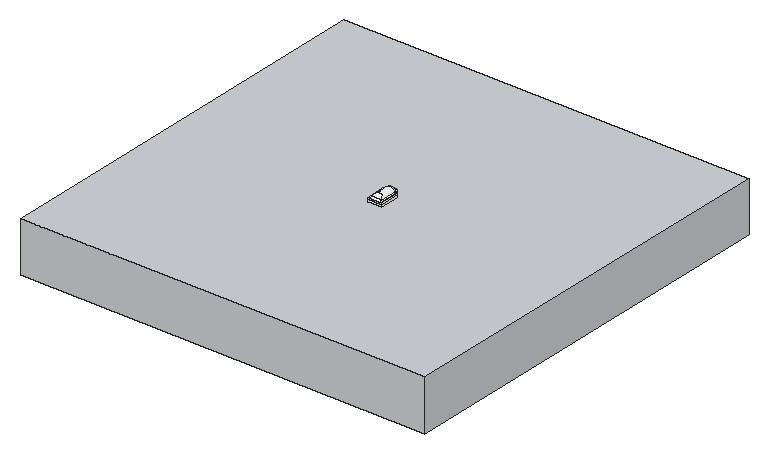
Revit family "Legrand_Gestion_eclairage_Detecteur_Presence_Mur_SCS", category Dispositifs d'éclairage, Revit 2020
Family settings
  Hôte = Face
  Conserver l'orientation des annotations = Oui
  Cote de connecteur circulaire = Utiliser le diamètre
  Type d'élément = Normal
  Couper avec des vides une fois chargée = Non
  Partagée = Non
  Point de calcul de pièce = Non
Parameters (values of type "Saillie SCS - PIR - IP55")
  URL = "http://www.legrandoc.com/048834"
  Télécommandable = no
  Type de tension = ""
  Tension nominale (V) = 0
  Température (MIN) (°C) = 0
  Température (MAX) (°C) = 0
  Sensibilité réglable = no
  Sensibilité lumineuse réglable = yes
  Sensibilité lumineuse (MIN) (lx) = 0
  Sensibilité lumineuse (MAX) (lx) = 0
  Réglage de lumière constante = no
  Portée max. latérale (m) = 3.5
  Portée max. frontale (m) = 15
  Numéro RAL = 9003
  Modèle = "048834"
  Mode de montage = "apparent"
  Liaison neutre = no
  Hauteur de montage maximale (m) = 2.5
  Gestion alarme = no
  Gestion CVC = no
  Fréquence (MIN) (Hz) = 0
  Fréquence (MAX) (Hz) = 0
  Fonction variateur intégré = no
  Fabricant = "Legrand"
  Exécution - Modèle = "détecteur de mouvement"
  Entrée secondaire = no
  Elévation par défaut = 2500 mm
  Durée d'enclenchement min. (s) = 30
  Durée d'enclenchement max. (mn) = 1000
  Diamètre de détection sur le plancher (m) = 3.5
  Description = "Détecteur de mouvement parkings extérieurs et caves - IP55 - IR- saillie mur"
  Courant de démarrage max. (A) = 0
  Coupure forcée = no
  Couleur = Blanc
  Cosses d'artère secondaire = no
  Condition Générale d'Utilisation = "https://export.legrand.com/CGU-objets-BIM"
  Collecteur de terre = no
  Classe de protection (IP) = ""
  Capacité de coupure max. (W) = 0
  Angle de détection horizontal (MIN) (°) = 180
  Angle de détection horizontal (MAX) (°) = 180
  Afficher la zone de détection [instance] = no
  Afficher l'étiquette [instance] = no
  Adapté pour transmission sans fil = no
Reference planes
  plane 1 "Centre (avant/arrière)": y = 0
  plane 2: z = 0
  plane 3 "Centre (gauche/droite)": x = 0
Forms (mm)
  Extrusion 1, solid
    sketch origin (0, 0, 0) x (1, 0, 0) y (0, 1, 0)
      loop
        line (-1219.2, 1219.2) -> (-1219.2, -1219.2) -> (1219.2, -1219.2) -> (1219.2, 1219.2) -> (-1219.2, 1219.2)
    from 0 to -304.8
Dimensions and locks
  aligned and locked: plane 2 to Extrusion 1
  aligned and locked: level to Extrusion 1
Nested families
  nested 1: "Modelisation 16" at (0, 0, 0), type "Modelisation 16"
    with zone de detection yes
  nested 2: "Etiquette de zone" at (0, 274.025, 0), visible <- "Afficher l'étiquette", type "Etiquette de zone"
  nested 3: "Zone de détection" at (-3000, 0, 22.437) x (0, 0, 1) z (0, -1, 0), visible <- "Afficher la zone de détection", type "Zone de détection"
Connectors
  electrical at (0, 0, 0)
    settings: index 1, voltage 230 V, apparent load 0 VA, apparent load phase1 0 VA, apparent load phase2 0 VA, apparent load phase3 0 VA, power factor 1, load classification "Eclairage", number of poles 1, system type 30, power factor state 1, is connector primary yes, connector utility no, sub classification motor no, connector description ""
Definition of nested family "Modelisation 16"
  Parameters (values of type "Modelisation 16")
    zone de detection [instance] = yes
    Optique = none
    Matériau - Couleur = none
    built-in parameter 1140140 [instance] = 1 (stored number, unit not read)
    Finition = none
    Default Elevation = 1219.2 mm
    built-in parameter 1140142 [instance] = -1
    built-in parameter 1155100 [instance] = -1
  Reference planes
    plane 1 "Centre (avant/arrière)": y = 0
    plane 2: z = 0
    plane 3 "Centre (gauche/droite)": x = 0
    plane 4: z = 0
    plane 5: z = 46.5
    plane 6: x = 42
    plane 7: x = -42
    plane 8: y = -73.25
    plane 9: y = 73.25
    plane 10: y = 42.25
    plane 11: y = 73.25
  Forms (mm)
    Extrusion 1, solid, material <- "Matériau - Couleur"
      sketch origin (0, 75.75, 0) x (0, 0, -1) y (0, 1, 0)
        loop
          line (-15.894, -149) -> (-15.894, -33.5) -> (-22.308, -33.5) -> (-22.308, -149) -> (-15.894, -149)
      from -42 to 42
    Extrusion 2, solid, material <- "Matériau - Couleur"
      sketch origin (0, 75.75, 0) x (0, 0, -1) y (0, 1, 0)
        loop
          line (-22.308, -149) -> (-22.308, -33.5) -> (-46.5, -33.5) -> (-46.5, -96)
          arc (-46.5, -96) -> (-41.881, -116.773) -> (-27.826, -132.752) r 42.789
          arc (-27.826, -132.752) -> (-23.725, -140.42) -> (-22.308, -149) r 26.679
      from -42 to 42
    Revolve 3, solid
      sketch origin (0, 73.25, -1.25) x (0, 0, -1) y (0, 1, 0)
        loop
          line (-15.894, -3.446) -> (-23.687, -3.446)
          arc (-23.687, -3.446) -> (-39.628, -13.349) -> (-46, -31) r 28.604
          line (-46, -31) -> (-15.894, -31) -> (-15.894, -3.446)
        axis (-15.894, -31) -> (-15.894, -3.446)
      angle from 0 to 360
    Extrusion 4, void
      sketch origin (0, 75.75, 0) x (1, 0, 0) y (0, 0, 1)
        loop
          line (-42, 22.308) -> (-33.48, 22.308)
          arc (-33.48, 22.308) -> (-30.053, 24.53) -> (-27.64, 27.826) r 11.297
          arc (-27.64, 27.826) -> (0, 46) -> (27.64, 27.826) r 30.106
          arc (27.64, 27.826) -> (30.053, 24.53) -> (33.48, 22.308) r 11.297
          line (33.48, 22.308) -> (42, 22.308) -> (42, 47.337) -> (-42, 47.337) -> (-42, 22.308)
      from 33.5 to 149
    Extrusion 5, void
      sketch origin (0, 73.25, 0) x (0, 0, -1) y (0, 1, 0)
        loop
          line (-15.894, -31) -> (22.859, -31) -> (22.859, 0) -> (-15.894, 0) -> (-15.894, -31)
      from -42 to 42
    Extrusion 6, solid, material <- "Matériau - Couleur"
      sketch origin (0, 75.75, 0) x (0, 0, -1) y (0, 1, 0)
        loop
          line (-15.894, -144) -> (0, -144) -> (0, -33.5) -> (-15.894, -33.5) -> (-15.894, -144)
      from -42 to 42
    Extrusion 7, solid, material <- "Matériau - Couleur"
      sketch origin (0, 73.25, 0) x (1, 0, 0) y (0, 1, 0)
        loop
          arc (-30.08, -31) -> (-23.681, -13.325) -> (-7.69, -3.446) r 28.586
          line (-7.69, -3.446) -> (0, -3.446) -> (7.69, -3.446)
          arc (7.69, -3.446) -> (23.681, -13.325) -> (30.08, -31) r 28.586
          line (30.08, -31) -> (33.48, -31)
          arc (33.48, -31) -> (26.14, -10.962) -> (7.83, 0) r 31.986
          line (7.83, 0) -> (-7.83, 0)
          arc (-7.83, 0) -> (-26.14, -10.962) -> (-33.48, -31) r 31.986
          line (-33.48, -31) -> (-30.08, -31)
      from 0 to 22.308
  Cuts and joins
    Extrusion 4 cuts Extrusion 1
    Extrusion 4 cuts Extrusion 2
    Extrusion 4 cuts Extrusion 6
    Extrusion 5 cuts Revolve 3
  Dimensions and locks
    plane 5 to plane 4 = 46.5 mm  (x2)
    plane 7 to plane 6 = 84 mm  (x2)
    plane 9 to plane 10 to plane 8 = 31 mm, 115.5 mm  (x2)
    aligned and locked: level to plane 2
Definition of nested family "Etiquette de zone"
  Parameters (values of type "Etiquette de zone")
    Etiquette de zone = "Détection frontale 180° - 15mx6m à 2.5m de hauteur"
  Reference planes
    plane 1: y = 0
    plane 2: x = 0
  Text (mm)
    label "Etiquette de zone" at (-0.612, -4.46, 0), shows "Etiquette de zone"
Definition of nested family "Zone de détection"
  Reference planes
    plane 1: z = 0
    plane 2 "Centre (gauche/droite)": x = 0
    plane 3: x = 8000
    plane 4: y = 0
    plane 5: y = -5000
    plane 6: y = -6000
    plane 7: x = 10000
    plane 8: x = 12000
    plane 9: x = 15000
    plane 10: y = -1000
    plane 11: y = -3000
  Lines and regions (mm)
    detail lines, in view "Niveau de réf."
      curve 1: line (0, -3000, 0) -> (528.981, -6000, 0)
      curve 2: arc (264.49, -4500, 0) -> (2113.579, -4889.453, 0) -> (4000, -5000, 0) r 12689.678
      curve 3: line (0, -3000, 0) -> (528.981, 0, 0)
      curve 4: arc (264.49, -1500, 0) -> (2113.579, -1110.547, 0) -> (4000, -1000, 0) r 12689.678
      curve 5: arc (7211.791, -1735.181, 0) -> (5644.455, -1199.134, 0) -> (4000, -1000, 0) r 7938.888
      curve 6: arc (8000, -3000, 0) -> (7774.735, -2262.373, 0) -> (7211.791, -1735.181, 0) r 1495.012
      curve 7: arc (7211.791, -4264.819, 0) -> (5644.455, -4800.866, 0) -> (4000, -5000, 0) r 7938.888
      curve 8: arc (8000, -3000, 0) -> (7774.735, -3737.627, 0) -> (7211.791, -4264.819, 0) r 1495.012
      curve 9: arc (528.981, -6000, 0) -> (4280.516, -5856.353, 0) -> (8000, -5346.371, 0) r 38328.323
      curve 10: arc (8000, -5346.371, 0) -> (9432.155, -4541.546, 0) -> (10000, -3000, 0) r 2376.364
      curve 11: arc (528.981, 0, 0) -> (4280.516, -143.647, 0) -> (8000, -653.629, 0) r 38328.323
      curve 12: arc (8000, -653.629, 0) -> (9432.155, -1458.454, 0) -> (10000, -3000, 0) r 2376.364
      curve 13: arc (528.981, -6000, 0) -> (5674.772, -5776.924, 0) -> (10766.463, -5000, 0) r 47672.372
      curve 14: arc (528.981, 0, 0) -> (5674.772, -223.076, 0) -> (10766.463, -1000, 0) r 47672.372
      curve 15: arc (528.981, -6000, 0) -> (7056.26, -5784.571, 0) -> (13539.795, -5000, 0) r 74720.188
      curve 16: arc (13539.795, -5000, 0) -> (14627.387, -4261.004, 0) -> (15000, -3000, 0) r 1953.065
      curve 17: arc (528.981, 0, 0) -> (7056.26, -215.429, 0) -> (13539.795, -1000, 0) r 74720.188
      curve 18: arc (13539.795, -1000, 0) -> (14627.387, -1738.996, 0) -> (15000, -3000, 0) r 1953.065
      curve 19: arc (10766.463, -5000, 0) -> (11685.987, -4186.73, 0) -> (12000, -3000, 0) r 2118.206
      curve 20: arc (10766.463, -1000, 0) -> (11685.987, -1813.27, 0) -> (12000, -3000, 0) r 2118.206
  Dimensions and locks
    plane 2 "Centre (gauche/droite)" to plane 3 = 8000 mm
    plane 2 "Centre (gauche/droite)" to plane 7 = 10000 mm
    plane 2 "Centre (gauche/droite)" to plane 8 = 12000 mm
    plane 2 "Centre (gauche/droite)" to plane 9 = 15000 mm
    plane 10 to plane 5 = 4000 mm
    plane 4 to plane 6 = 6000 mm
